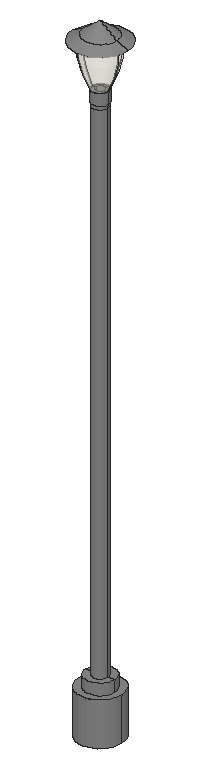
Revit family "M_Iluminação de rua - Antiga", category Luminárias, Revit 2019
Family settings
  Cota do conector redondo = Utilizar diâmetro
  Tipo de parte = Normal
  Número OmniClass = 23.80.70.14.21
  Título OmniClass = Street and Roadway Lighting
  ID de item do Seek = Street Light - Antique-0000-CAN-ENU
  Com base no plano de trabalho = Não
  Sempre na vertical = Sim
  Corte com vazios quando carregada = Não
  Fonte luminosa = Sim
  Compartilhado = Não
  Ponto de cálculo do ambiente = Não
Parameters (values of type "250W Halógeno - 120V")
  Wattage = 250 W
  built-in parameter 1150110 = 1 (stored number, unit not read)
  built-in parameter 1114217 = 1 (stored number, unit not read)
  built-in parameter 1150109 = 1 (stored number, unit not read)
  built-in parameter 1150134 = 3
  built-in parameter 1150113 = 1 (stored number, unit not read)
  Tilt Angle = -90.00°
  Material de sombra = Aço, acabamento de pintura, cinza escuro, fosco
  Arquivo de rede fotométrica = "SLS1T4.IES"
  built-in parameter 1150115 = 1 (stored number, unit not read)
  built-in parameter 1150105 = 397.89 (stored number, unit not read)
  Classificação de carga = Iluminação - Externa
  built-in parameter 1150137 = 1
  built-in parameter 1150139 = (empty or 0)
  built-in parameter 1150112 = 1 (stored number, unit not read)
  built-in parameter 1150114 = 1 (stored number, unit not read)
  built-in parameter 1150132 = (empty or 0)
  built-in parameter 1150102 = (empty or 0)
  built-in parameter 1150138 = (empty or 0)
  built-in parameter 1150107 = 3200 (stored number, unit not read)
  built-in parameter 1150106 = 3.9789 (stored number, unit not read)
  built-in parameter 1150104 = 1.8581 (stored number, unit not read)
  Dimming Lamp Color Temperature Shift = (empty or 0)
  Color Filter = 16777215
  Voltagem = 120 V
  Número de pólos = 1
  built-in parameter 1114218 = 1 (stored number, unit not read)
  built-in parameter 1150133 = 10 (stored number, unit not read)
  Código de montagem = "D5020280"
  Altura = 4500 mm
  Lâmpada = "T-4"
  Lumens = 5000 lm
  Material do difusor = Vidro, Jateado
  Material do suporte = Aço, acabamento de pintura, cinza escuro, fosco
  Comentários de voltagem = "250"
  Carga aparente = 250 VA
Types (10, lengths in mm): name | Wattage | built-in parameter 1150134 | Tilt Angle | Material de sombra | Arquivo de rede fotométrica | built-in parameter 1150105 | built-in parameter 1150107 | built-in parameter 1150106 | built-in parameter 1150104 | Voltagem | Número de pólos | Lâmpada | Lumens | Comentários de voltagem | Carga aparente
  (no name) | 250 W | 3 | -90.00° | Aço, acabamento de pintura, cinza escuro, fosco | "SLS1T4.IES" | 397.89 (stored number, unit not read) | 3200 (stored number, unit not read) | 3.9789 (stored number, unit not read) | 1.8581 (stored number, unit not read) | 120 V | 1 | "T-4" | 5000 lm | "250" | 250 VA
  400W Halógeno - 120V | 400 W | 3 | -90.00° | none | "SLS1T3.ies" | 795.77 (stored number, unit not read) | 3200 (stored number, unit not read) | 7.9577 (stored number, unit not read) | 2.3226 (stored number, unit not read) | 120 V | 1 | "T-3" | 10000 lm | "400" | 400 VA
  250W Sódio - 120V | 250 W | 13 | 90.00° | none | "SLS1ET18.ies" | 2307.7 (stored number, unit not read) | 2100 (stored number, unit not read) | 23.077 (stored number, unit not read) | 10.777 (stored number, unit not read) | 120 V | 1 | "ET-18" | 29000 lm | "250" | 250 VA
  250W Halógeno - 120V | 250 W | 3 | -90.00° | Aço, acabamento de pintura, cinza escuro, fosco | "SLS1T4.IES" | 397.89 (stored number, unit not read) | 3200 (stored number, unit not read) | 3.9789 (stored number, unit not read) | 1.8581 (stored number, unit not read) | 120 V | 1 | "T-4" | 5000 lm | "250" | 250 VA
  250W Halógeno - 277V | 250 W | 3 | -90.00° | none | "SLS1T4.IES" | 397.89 (stored number, unit not read) | 3200 (stored number, unit not read) | 3.9789 (stored number, unit not read) | 1.8581 (stored number, unit not read) | 277 V | 1 | "T-4" | 5000 lm | "250" | 250 VA
  250W Halógeno - 480V | 250 W | 3 | -90.00° | none | "SLS1T4.IES" | 397.89 (stored number, unit not read) | 3200 (stored number, unit not read) | 3.9789 (stored number, unit not read) | 1.8581 (stored number, unit not read) | 480 V | 3 | "T-4" | 5000 lm | "250" | 250 VA
  250W Sódio - 277V | 250 W | 13 | 90.00° | none | "SLS1ET18.ies" | 2307.7 (stored number, unit not read) | 2100 (stored number, unit not read) | 23.077 (stored number, unit not read) | 10.777 (stored number, unit not read) | 277 V | 1 | "ET-18" | 29000 lm | "250" | 250 VA
  250W Sódio - 480V | 250 W | 13 | 90.00° | none | "SLS1ET18.ies" | 2307.7 (stored number, unit not read) | 2100 (stored number, unit not read) | 23.077 (stored number, unit not read) | 10.777 (stored number, unit not read) | 480 V | 3 | "ET-18" | 29000 lm | "250" | 250 VA
  400W Halógeno - 277V | 400 W | 3 | -90.00° | none | "SLS1T3.ies" | 795.77 (stored number, unit not read) | 3200 (stored number, unit not read) | 7.9577 (stored number, unit not read) | 2.3226 (stored number, unit not read) | 277 V | 1 | "T-3" | 10000 lm | "400" | 400 VA
  400W Halógeno - 480V | 400 W | 3 | -90.00° | none | "SLS1T3.ies" | 795.77 (stored number, unit not read) | 3200 (stored number, unit not read) | 7.9577 (stored number, unit not read) | 2.3226 (stored number, unit not read) | 480 V | 3 | "T-3" | 10000 lm | "400" | 400 VA
Reference planes
  plane 1 "Eixo de origem da luz": y = 0
  plane 2: z = 0
  plane 3 "Eixo de origem da luz": x = 0
  plane 4: z = 4500
  plane 5: z = 4373
  plane 6: z = 4411.1
  plane 7: z = 4068.2
  plane 8: z = 3992
  plane 9: z = 3966.6
  plane 10: x = -114.3
  plane 11: x = -190.5
  plane 12: x = -165.1
  plane 13: x = -76.2
  plane 14: x = 101.6
  plane 15: x = 76.2
  plane 16 "Elevação da origem da luz": z = 4292.6
  plane 17: z = 304.8
Forms (mm)
  Extrusion 1, solid, material "Aço, acabamento de pintura, cinza escuro, fosco" <- "Material do suporte"
    sketch origin (0, 0, 0) x (1, 0, 0) y (0, 1, 0)
      loop
        circle (0, 0) r 152.4
    from 0 to 304.8
  Revolve 2, solid, material "Aço, acabamento de pintura, cinza escuro, fosco" <- "Material de sombra"
    sketch origin (0, 0, 0) x (1, 0, 0) y (0, 0, 1)
      loop
        line (0, 4500) -> (-114.3, 4411.1) -> (-190.5, 4373) -> (-114.3, 4373) -> (-114.3, 4381.731) -> (-144.639, 4381.731) -> (-107.454, 4400.324) -> (0, 4485.172) -> (0, 4500)
      loop
        line (-57.398, 4068.2) -> (-57.398, 3992) -> (-53.975, 3992) -> (-53.975, 3966.6) -> (-12.7, 3966.6) -> (-12.7, 3992) -> (-31.998, 3992) -> (-31.998, 4068.2) -> (-57.398, 4068.2)
      axis (0, 4500) -> (0, 3966.6)
    angle from 0 to 360
  Sweep 3, solid, material "Aço, acabamento de pintura, cinza escuro, fosco" <- "Material do suporte"
    path origin (0, 0, 304.8) x (1, 0, 0) y (0, 1, 0)
      loop
        circle (0, 0) r 12.7
    profile origin (0, 0, 304.8) x (0, -1, 0) y (0, 0, 1)
      loop
        line (-25.4, 0) -> (-25.4, 3661.8) -> (-50.8, 3661.8) -> (-50.8, 76.2) -> (-101.6, 76.2) -> (-101.6, 0) -> (-25.4, 0)
  Revolve 4, solid, material "Vidro, Jateado" <- "Material do difusor"
    sketch origin (0, 0, 0) x (1, 0, 0) y (0, 0, 1)
      loop
        line (-57.398, 4068.2) -> (-51.043, 4068.2)
        arc (-51.043, 4068.2) -> (-108.966, 4215.957) -> (-131.878, 4373) r 695.382
        line (-131.878, 4373) -> (-139.069, 4373)
        arc (-139.069, 4373) -> (-115.751, 4215.906) -> (-57.398, 4068.2) r 695.382
      axis (0, 4373) -> (0, 4068.2)
    angle from 0 to 360
Lines and regions (mm)
  Masking region 1
    outline origin (0, 0, 0) x (1, 0, 0) y (0, 1, 0)
      loop
        circle (0, 0) r 152.4
  symbolic lines, style "Exterior"
    curve 1: arc (152.4, 0, 0) -> (0, 152.4, 0) -> (-152.4, 0, 0) r 152.4
    curve 2: arc (-152.4, 0, 0) -> (0, -152.4, 0) -> (152.4, 0, 0) r 152.4
    curve 3: arc (12.7, 0, 0) -> (0, 12.7, 0) -> (-12.7, 0, 0) r 12.7
    curve 4: arc (-12.7, 0, 0) -> (0, -12.7, 0) -> (12.7, 0, 0) r 12.7
Dimensions and locks
  "Altura": plane 4 to plane 2
  locked: plane 8 to plane 9 at 25.4
  locked: plane 7 to plane 8 at 76.2
  locked: plane 5 to plane 7 at 304.8
  locked: plane 6 to plane 5 at 38.1
  locked: plane 4 to plane 6 at 88.9
  aligned and locked: plane 10 to Revolve 2 sketch curve
  aligned and locked: plane 11 to Revolve 2 sketch curve
  aligned and locked: plane 5 to Revolve 2 sketch curve
  aligned and locked: Sweep 3 sketch curve to plane 9
  aligned and locked: Sweep 3 sketch curve to plane 17
  aligned and locked: Masking region 1 sketch curve to curve 1
  aligned and locked: imposter light to plane 3 "Eixo de origem da luz"
  aligned and locked: plane 1 "Eixo de origem da luz" to imposter light
  aligned and locked: imposter light to plane 16 "Elevação da origem da luz"
Automatic sketch dimensions
  Extrusion 1 sketch curve to plane 1 "Eixo de origem da luz" = 0 mm
  Extrusion 1 sketch curve to plane 3 "Eixo de origem da luz" = 0 mm
  Extrusion 1 sketch curve to plane 3 "Eixo de origem da luz" = 152.4 mm
  Sweep 3 sketch curve to plane 1 "Eixo de origem da luz" = 0 mm
  Sweep 3 sketch curve to plane 3 "Eixo de origem da luz" = 0 mm
  Sweep 3 sketch curve to plane 3 "Eixo de origem da luz" = 12.7 mm
  Revolve 2 sketch curve to plane 10 = 0 mm
  Revolve 2 sketch curve to plane 7 = 0 mm
  Revolve 2 sketch curve to plane 8 = 0 mm  (x2)
  Revolve 2 sketch curve to plane 9 = 0 mm
  Revolve 2 sketch curve to plane 3 "Eixo de origem da luz" = 0 mm
  Revolve 2 sketch curve to plane 5 = 8.731 mm
  Revolve 2 sketch curve to plane 12 = 20.461 mm
  Revolve 2 sketch curve to plane 10 = 6.846 mm
  Revolve 2 sketch curve to plane 3 "Eixo de origem da luz" = 57.398 mm
  Revolve 2 sketch curve to Revolve 2 sketch curve = 3.423 mm
  Revolve 2 sketch curve to Revolve 2 sketch curve = 25.4 mm
  Revolve 2 sketch curve to plane 3 "Eixo de origem da luz" = 12.7 mm
  Revolve 2 sketch curve to plane 6 = 0 mm
  Revolve 2 sketch curve to plane 4 = 0 mm  (x2)
  plane 9 to Revolve 2 sketch curve = 76.2 mm
  plane 6 to Revolve 2 sketch curve = 10.776 mm
  Revolve 2 sketch curve to Revolve 2 sketch curve = 14.828 mm
  Revolve 2 sketch curve to Revolve 2 sketch curve = 254 mm
  Revolve 4 sketch curve to plane 5 = 0 mm
  Revolve 4 sketch curve to plane 7 = 0 mm
  Revolve 4 sketch curve to plane 3 "Eixo de origem da luz" = 0 mm
  Revolve 4 sketch curve to plane 3 "Eixo de origem da luz" = 51.043 mm
  Revolve 4 sketch curve to Revolve 4 sketch curve = 6.355 mm
  Revolve 4 sketch curve to plane 3 "Eixo de origem da luz" = 131.878 mm
  Revolve 4 sketch curve to Revolve 4 sketch curve = 7.191 mm
  Revolve 4 sketch curve to plane 5 = 22.884 mm
  Revolve 4 sketch curve to Revolve 4 sketch curve = 7.244 mm
  Revolve 4 sketch curve to plane 8 = 25.4 mm
  Revolve 4 sketch curve to plane 4 = 177.8 mm
  curve 1 to plane 1 "Eixo de origem da luz" = 0 mm
  curve 4 to plane 1 "Eixo de origem da luz" = 0 mm
  curve 2 to plane 3 "Eixo de origem da luz" = 0 mm
  curve 3 to plane 3 "Eixo de origem da luz" = 0 mm
  curve 3 to plane 3 "Eixo de origem da luz" = 12.7 mm
  curve 2 to plane 12 = 12.7 mm
  profile plane to Sweep 3 sketch curve = 88.9 mm
  profile plane to Sweep 3 sketch curve = 38.1 mm
  profile plane to Sweep 3 sketch curve = 12.7 mm
  Sweep 3 sketch curve to Sweep 3 sketch curve = 76.2 mm
Connectors
  electrical at (0, 0, 3966.6), driven by "Carga aparente", driven by "Voltagem", driven by "Número de pólos", driven by "Classificação de carga"
    settings: on Revolve 2, index 1, voltage 120 V, apparent load 0 VA, apparent load phase1 250 VA, apparent load phase2 0 VA, apparent load phase3 0 VA, power factor 0.95, load classification "Iluminação - Externa", number of poles 1, system type 31, power factor state 1, is connector primary yes, connector utility no, sub classification motor no, connector description ""
